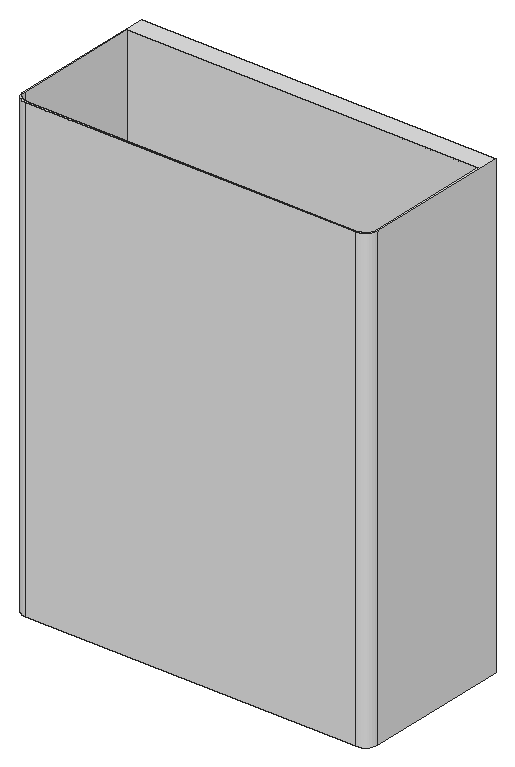
Revit family "PROOX Waste bin 400 mm EN", category Furniture, Revit 2014
Parameters (values of type "ONE pure")
  URL = "http://www.proox.com/"
  Type Comments = "ONE pure"
  Product webpage [instance] = "http://www.proox.com/EN/waste-bin-stainless-steel/"
  Product data sheet [instance] = "http://www.proox.com/fileadmin/dam/Download/Produktdatenbl%C3%A4tter/english/Productspecification_PU-240.pdf"
  Model = "PU-240"
  Material = PROOX Stainless steel, brushed
  Manufacturer = "PROOX Ltd."  # constant formula
  Keynote = ""
  EAN-No. = "9120050350885"
  Description = "waste bin 400 mm PROOX ONE pure made from stainless steel"
  Cost = 298
  BIM objects producer = "www.BIMtelligent.eu"  # constant formula
  Specification = "Waste bin made out of stainless steel. Surface with fine brushed structure. Cover 1.5 mm thickness. Intended for wall mounting. Perforated design area with 4mm drillings. Integrated bag holder. 37 litres capacity. Includes stainless steel screws and anchors."
Reference planes
  plane 1 "Center (Front/Back)": y = 0
  plane 2: z = 0
  plane 3 "Center (Left/Right)": x = 0
Forms (mm)
  Extrusion 1, solid, material "PROOX Stainless steel, brushed" <- "Material", detail levels coarse+medium
    sketch origin (0, 0, 0) x (1, 0, 0) y (0, 1, 0)
      loop
        line (-200, 0) -> (-200, -180) -> (200, -180) -> (200, 0) -> (-200, 0)
    from 0 to 520
  Extrusion 2, solid, material "PROOX Stainless steel, brushed" <- "Material", detail levels fine
    sketch origin (0, 0, 0) x (1, 0, 0) y (0, 1, 0)
      loop
        line (-200, 0) -> (-200, -166.5)
        arc (-200, -166.5) -> (-196.046, -176.046) -> (-186.5, -180) r 13.5
        line (-186.5, -180) -> (186.5, -180)
        arc (186.5, -180) -> (196.046, -176.046) -> (200, -166.5) r 13.5
        line (200, -166.5) -> (200, 0) -> (-200, 0)
      loop
        arc (-198.5, -166.5) -> (-194.985, -174.985) -> (-186.5, -178.5) r 12
        line (-186.5, -178.5) -> (186.5, -178.5)
        arc (186.5, -178.5) -> (194.985, -174.985) -> (198.5, -166.5) r 12
        line (198.5, -166.5) -> (198.5, -22.7) -> (-198.5, -22.7) -> (-198.5, -166.5)
    from 0 to 520
Dimensions and locks
  aligned and locked: level to plane 2
